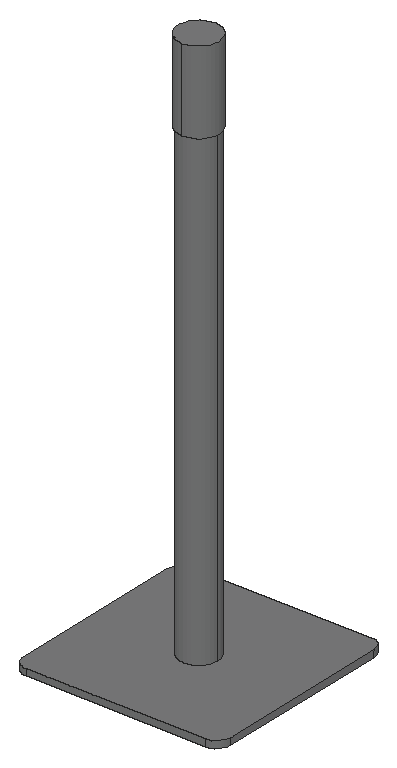
Revit family "Desk-Accessories-JNAPP-Peninsula_Monopod_Base-Round-R2018", category Furniture, Revit 2018
Family settings
  OmniClass Number = 23.40.20.00
  OmniClass Title = General Furniture and Specialties
  Work Plane-Based = No
  Always vertical = Yes
  Cut with Voids When Loaded = No
  Shared = Yes
  Room Calculation Point = No
Parameters (values of type "42" Height")
  Warranty = "http://www.teknion.com/ca/papers/legal-canada"
  Unit Weight URL = "http://www.teknion.com/ca/tools/assets#&asset=bee6a381-b954-425e-8283-5a2de3a804f2,f828d448-4b62-4231-9e5f-9a8991c0ed77"
  URL = "www.teknion.com"
  To render please download texture images found here [instance] = "https://assets.teknion.com/web/5e81352c1dfdb467/revit-material-swatches/"
  Sustainability Data = "https://www.teknion.com/ca/tools/assets#&topic=216f99a5-57a0-44fc-b10a-9dee9b29ae4c&asset=444deb64-fe58-4b68-981e-f75e97781df7,b4ff2d81-9f2e-437d-9659-7cffb09c31cf"
  Series = "Expansion Cityline"  # constant formula
  Product Page URL = "https://www.teknion.com/ca/products/product-details?productlineid=9ad2a26e-8e7a-673b-a6c8-ff05004460c4"
  Product Line = "Expansion Cityline"  # constant formula
  Product Documentation Link = "https://www.teknion.com/pricing/expansion-cityline/pdfs/JNAPP_ppg.pdf"
  Part Number = "JNAPP"  # constant formula
  Model = "JNAPP42"
  Manufacturer Phone = "416-661-3370"  # constant formula
  Manufacturer Fax = "416.661.4586"  # constant formula
  Manufacturer Contact Information = "http://www.teknion.com/ca/contactus"
  Manufacturer Address = "1150 Flint Road, Toronto, ON. M3J 2J5. Canada"  # constant formula
  Manufacturer = "Teknion"  # constant formula
  How To Use Teknion Materials User Guide [instance] = "https://assets.teknion.com/m/205dd0a49fa58060/original/How-to-add-a-Material-Library-and-Texture-Images-to-your-Revit-project.pdf"
  Height = 42.000"
  Frame Finish [instance] = Paint - Teknion - Mica - Anthracite
  For Additional Finishes please visit [instance] = "https://assets.teknion.com/m/44a8009b046e5d47/original/Teknion_Materials_Library.zip"
  Description = "Peninsula Monopod Base - Round, 42\" Height"
  Assembly Code = "E2020200"
Types (4): name | Model | Height | Description
  (no name) | "JNAPP42" | 42.000" | "Peninsula Monopod Base - Round, 42\" Height"
  29" Height | "JNAPP29" | 29.000" | "Peninsula Monopod Base - Round, 28\" Height"
  36" Height | "JNAPP36" | 36.000" | "Peninsula Monopod Base - Round, 36\" Height"
  42" Height | "JNAPP42" | 42.000" | "Peninsula Monopod Base - Round, 42\" Height"
Reference planes (in)
  plane 1 "Center Front/Back": y = 0
  plane 2: z = 0
  plane 3 "Center Left/Right": x = 0
  plane 4 "Left": x = -7.5
  plane 5 "Right": x = 7.5
  plane 6 "Back": y = 7.5
  plane 7 "Front": y = -7.5
  plane 8 "Top": z = 42
Forms (in)
  Sweep 1, solid, material "Paint - Teknion - Mica - Anthracite" <- "Frame Finish"
    path origin (0, 0, 0) x (1, 0, 0) y (0, 0, 1)
      loop
        line (0, 0) -> (0, 0.5)
    profile origin (0, 0, 0.25) x (-1, 0, 0) y (0, -1, 0)
      loop
        line (-6.5, -7.5) -> (6.5, -7.5)
        arc (6.5, -7.5) -> (7.20711, -7.20711) -> (7.5, -6.5) r 1
        line (7.5, -6.5) -> (7.5, 6.5)
        arc (7.5, 6.5) -> (7.20711, 7.20711) -> (6.5, 7.5) r 1
        line (6.5, 7.5) -> (-6.5, 7.5)
        arc (-6.5, 7.5) -> (-7.20711, 7.20711) -> (-7.5, 6.5) r 1
        line (-7.5, 6.5) -> (-7.5, -6.5)
        arc (-7.5, -6.5) -> (-7.20711, -7.20711) -> (-6.5, -7.5) r 1
  Sweep 2, solid, material "Paint - Teknion - Mica - Anthracite" <- "Frame Finish"
    path origin (0, 0, 0) x (1, 0, 0) y (0, 0, 1)
      loop
        line (0, 0.5) -> (0, 34.81102)
    profile origin (0, 0, 17.65551) x (-1, 0, 0) y (0, -1, 0)
      loop
        circle (0, 0) r 1.38079
  Sweep 3, solid, material "Paint - Teknion - Mica - Anthracite" <- "Frame Finish"
    path origin (0, 0, 0) x (1, 0, 0) y (0, 0, 1)
      loop
        line (0, 40.81102) -> (0, 34.81102)
    profile origin (0, 0, 37.81102) x (0, -1, 0) y (1, 0, 0)
      loop
        circle (0, 0) r 1.5
Lines and regions (in)
  Masking region 1
    outline origin (0, 0, 0) x (1, 0, 0) y (0, 1, 0)
      loop
        line (6.5, 7.5) -> (-6.5, 7.5)
        arc (-6.5, 7.5) -> (-7.20711, 7.20711) -> (-7.5, 6.5) r 1
        line (-7.5, 6.5) -> (-7.5, -6.5)
        arc (-7.5, -6.5) -> (-7.20711, -7.20711) -> (-6.5, -7.5) r 1
        line (-6.5, -7.5) -> (6.5, -7.5)
        arc (6.5, -7.5) -> (7.20711, -7.20711) -> (7.5, -6.5) r 1
        line (7.5, -6.5) -> (7.5, 6.5)
        arc (7.5, 6.5) -> (7.20711, 7.20711) -> (6.5, 7.5) r 1
  Masking region 2, detail levels medium+fine
    outline origin (0, 0, 0) x (1, 0, 0) y (0, 1, 0)
      loop
        circle (0, 0) r 1.5
Dimensions and locks (in)
  plane 4 "Left" to plane 5 "Right" = 15.000"
  plane 6 "Back" to plane 7 "Front" = 15.000"
  "Height": plane 8 "Top" to level
  Sweep 1 sketch curve to level to Sweep 1 sketch curve = 0.500" locked, 0.000" locked
  locked: plane 8 "Top" to Sweep 2 sketch curve at 7.18898
  locked: Sweep 2 sketch curve to level at 0.5
  locked: plane 3 "Center Left/Right" to Sweep 2 sketch curve at 0
  locked: plane 1 "Center Front/Back" to Sweep 2 sketch curve at 0
  plane 8 "Top" to Sweep 3 sketch curve to Sweep 3 sketch curve = 1.18898" locked, 6.000" locked
  locked: plane 3 "Center Left/Right" to Sweep 3 sketch curve at 0
  locked: plane 1 "Center Front/Back" to Sweep 3 sketch curve at 0
  aligned and locked: level to plane 2
  aligned and locked: plane 3 "Center Left/Right" to Sweep 2 sketch curve
  aligned and locked: Sweep 3 sketch curve to plane 3 "Center Left/Right"
  aligned and locked: Masking region 2 sketch curve to Sweep 3  (x2)
Automatic sketch dimensions
  Sweep 1 sketch curve to plane 3 "Center Left/Right" = 0.000"
  profile plane to Sweep 1 sketch curve = 7.500"
  Sweep 1 sketch curve to Sweep 1 sketch curve = 1.000"  (x3)
  Sweep 1 sketch curve to profile plane = 6.500"  (x2)
  Sweep 1 sketch curve to plane 1 "Center Front/Back" = 7.500"
  plane 1 "Center Front/Back" to Sweep 1 sketch curve = 6.500"
  Masking region 1 sketch curve to plane 4 "Left" = 0.000"
  plane 7 "Front" to Masking region 1 sketch curve = 0.000"
  Masking region 1 sketch curve to plane 6 "Back" = 0.000"
  Masking region 1 sketch curve to plane 5 "Right" = 0.000"
  plane 4 "Left" to Masking region 1 sketch curve = 1.000"  (x2)
  plane 5 "Right" to Masking region 1 sketch curve = 1.000"  (x2)
  radius of Sweep 2 sketch curve = 1.38079"
  radius of Sweep 3 sketch curve = 1.500"
